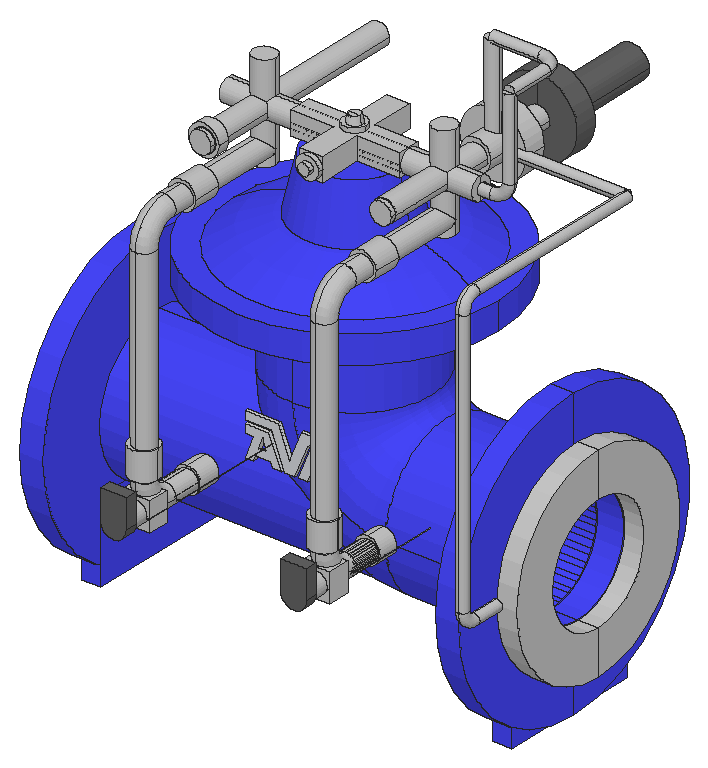
Revit family "859-002X-001 DN65-300", category Pipe Accessories, Revit 2022
Family settings
  Round Connector Dimension = Use Diameter
  Part Type = Valve - Breaks Into
  Work Plane-Based = No
  Always vertical = Yes
  Cut with Voids When Loaded = No
  Shared = No
Parameters (values of type "DN080_PN10/16 Flow range ( 14 - 36)")
  w2 = size_lookup(Search_table, "w2", 0 mm, DN)  # 100 mm
  w1 = size_lookup(Search_table, "w1", 0 mm, DN)  # 100 mm
  sweep_box2 = Bolt_Dia / 2  # 9.75 mm
  sweep_box1 = Centre_D * 0.4  # 10 mm
  sweep_H1 = Bonnet_dim1_H * 1.4  # 41.125 mm
  sweep_H = (H3 - D) * 0.65  # 178.75 mm
  sweep_D = size_lookup(Search_table, "sweep_D", 0 mm, DN)  # 15 mm
  sweep1 = sweep_D * 0.5  # 7.5 mm
  sweep/2 = sweep1 / 2  # 3.75 mm
  sweep = sweep_D * 1.2  # 18 mm
  nut_dim = Bonnet_D1 * 0.5  # 60 mm
  Total_L = size_lookup(Search_table, "Total_L", 0 mm, DN)  # 325 mm
  Sweep_R = sweep1 * 1.5  # 11.25 mm
  Orifice_FL_T = size_lookup(Search_table, "Orifice_FL_T", 0 mm, DN)  # 14 mm
  Orifice_FL = size_lookup(Search_table, "Orifice_FL", 0 mm, DN) / 2  # 70.5 mm
  L3 = Bonnet_R * 1.1  # 138.6 mm
  dim1 = W1 * 0.4  # 52.4 mm
  centre = Bore1 * 1.3  # 62.478 mm
  W22 = W2 * 0.8  # 128.8 mm
  W2 = size_lookup(Search_table, "W2", 0 mm, DN)  # 161 mm
  W11 = (W1 - sweep_D) * 0.9  # 104.4 mm
  W1 = size_lookup(Search_table, "W1", 0 mm, DN)  # 131 mm
  W = W1 - (sweep_D / 2)  # 123.5 mm
  URL_product_pages = "https://www.avkvalves.com/P.aspx?no=8590065001140020"
  Thickness1 = Thickness * 1.2  # 13.68 mm
  Thickness = FL_T * 0.6  # 11.4 mm
  Raised_dis = size_lookup(Search_table, "Raised_dis", 0 mm, DN)  # 3 mm
  Raised_R = (D - Bore) * 0.4  # 23.98 mm
  Nut_T = FL_T * 0.8  # 15.2 mm
  Nut_Dim2 = Control_dim1 * 0.4  # 3.15 mm
  Nut_Dim1 = Bolt_Dia * 1.3  # 25.35 mm
  L = size_lookup(Search_table, "L", 0 mm, DN)  # 310 mm
  H4 = H33 * 2  # 125.4 mm
  H33 = (H3 - (D + Bonnet_dim1_H1)) * 0.8  # 62.7 mm
  H3 = size_lookup(Search_table, "H3", 0 mm, DN)  # 375 mm
  FL_T = size_lookup(Search_table, "FL_T", 0 mm, DN)  # 19 mm
  DN300_PN16 Flow range ( 460 - 1017) = "859-0300-00-1140023"
  DN300_PN16 Flow range ( 340 - 825) = "859-0300-00-1140022"
  DN300_PN16 Flow range ( 175 - 430) = "859-0300-00-1140021"
  DN300_PN16 Flow range ( 120 - 300) = "859-0300-00-1140020"
  DN300_PN10 Flow range ( 460 - 762) = "859-0300-00-0140023"
  DN300_PN10 Flow range ( 340 - 762) = "859-0300-00-0140022"
  DN300_PN10 Flow range ( 175 - 430) = "859-0300-00-0140021"
  DN300_PN10 Flow range ( 120 - 300) = "859-0300-00-0140020"
  DN250_PN16 Flow range ( 280 - 690) = "859-0250-00-1140023"
  DN250_PN16 Flow range ( 230 - 570) = "859-0250-00-1140022"
  DN250_PN16 Flow range ( 140 - 350) = "859-0250-00-1140021"
  DN250_PN16 Flow range ( 85 - 200) = "859-0250-00-1140020"
  DN250_PN10 Flow range ( 280 - 530) = "859-0250-00-0140023"
  DN250_PN10 Flow range ( 230 - 530) = "859-0250-00-0140022"
  DN250_PN10 Flow range ( 140 - 350) = "859-0250-00-0140021"
  DN250_PN10 Flow range ( 85 - 200) = "859-0250-00-0140020"
  DN200_PN16 Flow range ( 190 - 452) = "859-0200-00-1140023"
  DN200_PN16 Flow range ( 150 - 365) = "859-0200-00-1140022"
  DN200_PN16 Flow range ( 115 - 290) = "859-0200-00-1140021"
  DN200_PN16 Flow range ( 50 - 130) = "859-0200-00-1140020"
  DN200_PN10 Flow range ( 190 - 339) = "859-0200-00-0140023"
  DN200_PN10 Flow range ( 150 - 339) = "859-0200-00-0140022"
  DN150_PN10/16 Flow range ( 80 - 200) = "859-0150-00-1140022"
  D = size_lookup(Search_table, "D", 0 mm, DN) / 2  # 100 mm
  Search_table = "859-002X-001 DN65-300"
  Description_ = "AVK CONTROL VALVE, CONSTANT FLOW, PN10/16"
  Default Elevation = 0 mm
  DN80_PN10/16 Flow range ( 27 - 65) = "859-0080-00-1140022"
  DN80_PN10/16 Flow range ( 14 - 36) = "859-0080-00-1140021"
  DN80_PN10/16 Flow range ( 7 - 18) = "859-0080-00-1140020"
  DN65_PN10/16 Flow range ( 8 - 20) = "859-0065-00-1140021"
  DN65_PN10/16 Flow range ( 5 - 15) = "859-0065-00-1140020"
  DN200_PN10 Flow range ( 115 - 290) = "859-0200-00-0140021"
  DN200_PN10 Flow range ( 50 - 130) = "859-0200-00-0140020"
  DN150_PN10/16 Flow range ( 115 - 254) = "859-0150-00-1140023"
  DN150_PN10/16 Flow range ( 50 - 150) = "859-0150-00-1140021"
  DN150_PN10/16 Flow range ( 30 - 75) = "859-0150-00-1140020"
  DN125_PN10/16 Flow range ( 48 - 118) = "859-0125-00-1140023"
  DN125_PN10/16 Flow range ( 32 - 80) = "859-0125-00-1140022"
  DN125_PN10/16 Flow range ( 21 - 52) = "859-0125-00-1140021"
  DN125_PN10/16 Flow range ( 13 - 32) = "859-0125-00-1140020"
  DN100_PN10/16 Flow range ( 47 - 113) = "859-0100-00-1140023"
  DN100_PN10/16 Flow range ( 23 - 57) = "859-0100-00-1140022"
  DN100_PN10/16 Flow range ( 14 - 34) = "859-0100-00-1140021"
  DN100_PN10/16 Flow range ( 7 - 18) = "859-0100-00-1140020"
  DN65_PN10/16 Flow range ( 17 - 42) = "859-0065-00-1140022"
  DN = 80.1 mm
  Control_dim7 = Control_dim6 * 1.8  # 22.964 mm
  Control_dim6 = Control_dim5 * 1.2  # 12.758 mm
  Control_dim5 = Control_dim1 * 1.35  # 10.631 mm
  Control_dim4 = Bonnet_D1 * 0.9  # 108 mm
  Control_dim3 = Control_dim1 * 0.5  # 3.938 mm
  Control_dim2 = Bonnet_dim3 * 1.2  # 37.8 mm
  Control_dim1 = Bonnet_dim3 * 0.25  # 7.875 mm
  Centre_nut = Centre_D * 0.75  # 18.75 mm
  Centre_D1 = Centre_D * 0.8  # 20 mm
  Centre_D = size_lookup(Search_table, "Centre_D", 0 mm, DN)  # 25 mm
  Bore2 = Bore * 1.6  # 64.08 mm
  Bore1 = Bore * 1.2  # 48.06 mm
  Bore = DN / 2  # 40.05 mm
  Bonnet_dim3 = Bonnet_dim2 * 0.75  # 31.5 mm
  Bonnet_dim2 = Bonnet_dim1 / 2  # 42 mm
  Bonnet_dim1_H1 = sweep_H * 1.1  # 196.625 mm
  Bonnet_dim1_H = (sweep_H - Body_H) / 2  # 29.375 mm
  Bonnet_dim1 = Bonnet_D1 * 0.7  # 84 mm
  Bonnet_R = Bonnet_dim1 * 1.5  # 126 mm
  Bonnet_D1 = D * 1.2  # 120 mm
  Bonnet_D = D * 0.6  # 60 mm
  Bolt_Dia = sweep_D * 1.3  # 19.5 mm
  Body_Rib_L = D * 0.5  # 50 mm
  Body_H = D * 1.2  # 120 mm
  Actuator_d = Control_dim7 * 1.2  # 27.556 mm
  Actuator_L1 = Actuator_L * 0.9  # 65.205 mm
  Actuator_L = W2 * 0.45  # 72.45 mm
  8 = 8 mm  # constant formula
  50 = 50 mm  # constant formula
  3 = 3 mm  # constant formula
  18 = 11 mm  # constant formula
  10 = 10 mm  # constant formula
  0 = 0 mm  # constant formula
Reference planes
  plane 1 "Center (Front/Back)": y = 0
  plane 2: z = 0
  plane 3 "Center (Left/Right)": x = 0
  plane 4: x = -155
  plane 5: x = 155
  plane 6: z = 40.05
  plane 7: z = -40.05
  plane 8: z = 120
  plane 9: z = 275
  plane 10: z = -100
  plane 11: y = -131
  plane 12: y = -67.06
  plane 13: y = -48.06
  plane 14: y = -77.06
  plane 15: z = 149.375
  plane 16: z = 196.625
  plane 17: z = -43.05
  plane 18: x = 152
  plane 19: x = -152
  plane 20: x = -87.478
  plane 21: x = -62.478
  plane 22: x = 62.478
  plane 23: y = -122.4
  plane 24: y = -104.4
  plane 25: y = -84
  plane 26: z = 10
  plane 27: z = 212.3
  plane 28: z = 204.5
  plane 29: y = -37.8
  plane 30: y = -34.713
  plane 31: y = -40.95
  plane 32: z = 212.375
  plane 33: x = -40.05
  plane 34: z = 178.75
  plane 35: z = 188.5
  plane 36: z = 220.25
  plane 37: z = 20
  plane 38: y = -52.4
  plane 39: y = 128.8
  plane 40: y = 161
  plane 41: y = -7.875
  plane 42: y = 26.875
  plane 43: y = 7.875
  plane 44: y = 42.075
  plane 45: y = 57.275
  plane 46: x = 138.6
  plane 47: x = 149.231
  plane 48: x = 87.478
  plane 49: z = 271.25
  plane 50: through (0, 0, 1200) normal (-0.766, -0.6428, 0)
  plane 51: y = 94.8
  plane 52: z = 149.6
  plane 53: x = 107.478
  plane 54: y = -70.5
  plane 55: x = 169
Forms (mm)
  Revolve 1, solid, material "Laminate, Blue, Matte"
    sketch origin (0, 0, 0) x (1, 0, 0) y (0, 0, 1)
      loop
        line (-155, 40.05) -> (155, 40.05) -> (155, 64.03) -> (152, 64.03) -> (152, 100) -> (136, 100) -> (136, 51.45) -> (-136, 51.45) -> (-136, 100) -> (-152, 100) -> (-152, 64.03) -> (-155, 64.03) -> (-155, 40.05)
      axis (-155, 0) -> (155, 0)
    angle from 0 to 360
  Extrusion 2, solid, material "Laminate, Blue, Matte"
    sketch origin (-387.236, -1524, 120) x (-1, 0, 0) y (0, -1, 0)
      loop
        circle (-387.236, -1524) r 100
    from 0 to 19
  Extrusion 3, solid, material "Laminate, Blue, Matte"
    sketch origin (0, 0, 0) x (0, 1, 0) y (0, 0, 1)
      loop
        circle (0, 0) r 40.05
    from -87.478 to 87.478
  Extrusion 4, solid, material "Default Wall"
    sketch origin (0, -67.06, 1382.259) x (0, 0, 1) y (-1, 0, 0)
      loop
        circle (-1382.259, 62.478) r 9
      loop
        circle (-1382.259, -62.478) r 9
    from 0 to -67.06
  Sweep 5, solid, material "Default Wall"
    path origin (0, 0, 0) x (0, 1, 0) y (0, 0, 1)
      loop
        line (0, 0) -> (-86.4, 0)
        arc (-86.4, 0) -> (-99.128, 5.272) -> (-104.4, 18) r 18
        line (-104.4, 18) -> (-104.4, 160.75)
        arc (-104.4, 160.75) -> (-99.128, 173.478) -> (-86.4, 178.75) r 18
        line (-86.4, 178.75) -> (0, 178.75)
    profile origin (0, 0, 0) x (0, 0, -1) y (1, 0, 0)
      loop
        circle (0, -62.478) r 7.5
      loop
        circle (0, 62.478) r 7.5
  Revolve 6, solid, material "Laminate, Blue, Matte"
    sketch origin (0, 0, 0) x (1, 0, 0) y (0, 0, 1)
      loop
        line (0, 139) -> (84, 139)
        arc (84, 139) -> (43.967, 157.53) -> (0, 161.125) r 126
        line (0, 161.125) -> (0, 139)
      axis (0, 161.125) -> (0, 139)
    angle from 0 to 360
  Revolve 7, solid, material "Laminate, Blue, Matte"
    sketch origin (0, 0, 0) x (1, 0, 0) y (0, 0, 1)
      loop
        line (0, 149.375) -> (42, 149.375) -> (31.5, 196.625) -> (0, 196.625) -> (0, 149.375)
      axis (0, 149.375) -> (0, 196.625)
    angle from 0 to 360
  Extrusion 8, solid, material "Laminate, Blue, Matte"
    sketch origin (0, 0, 0) x (0, 1, 0) y (0, 0, 1)
      loop
        line (50, -43.05) -> (-50, -43.05) -> (-50, -100) -> (50, -100) -> (50, -43.05)
    from 136 to 149
  Extrusion 9, solid, material "Laminate, Blue, Matte"
    sketch origin (0, 0, 0) x (0, 1, 0) y (0, 0, 1)
      loop
        line (50, -43.05) -> (-50, -43.05) -> (-50, -100) -> (50, -100) -> (50, -43.05)
    from -136 to -149
  Extrusion 10, solid, material "Default Wall"
    sketch origin (0, 0, 0) x (1, 0, 0) y (0, 0, 1)
      loop
        circle (-62.478, 0) r 7.5
      loop
        circle (62.478, 0) r 7.5
    from 0 to 123
  Extrusion 11, solid, material "Default Roof"
    sketch origin (0, 0, 0) x (1, 0, 0) y (0, 0, 1)
      loop
        arc (-71.478, 0) -> (-68.842, -6.364) -> (-62.478, -9) r 9
        arc (-62.478, -9) -> (-56.114, -6.364) -> (-53.478, 0) r 9
        line (-53.478, 0) -> (-53.478, 20) -> (-71.478, 20) -> (-71.478, 0)
      loop
        arc (53.478, 0) -> (56.114, -6.364) -> (62.478, -9) r 9
        arc (62.478, -9) -> (68.842, -6.364) -> (71.478, 0) r 9
        line (71.478, 0) -> (71.478, 20) -> (53.478, 20) -> (53.478, 0)
    from 131 to 123
  Extrusion 12, solid, material "Default Wall"
    sketch origin (-741.585, -1524, 196.625) x (-1, 0, 0) y (0, -1, 0)
      loop
        line (-749.46, -1531.875) -> (-749.46, -1561.8) -> (-733.71, -1561.8) -> (-733.71, -1531.875) -> (-703.785, -1531.875) -> (-703.785, -1516.125) -> (-733.71, -1516.125) -> (-733.71, -1486.2) -> (-749.46, -1486.2) -> (-749.46, -1516.125) -> (-779.385, -1516.125) -> (-779.385, -1531.875) -> (-749.46, -1531.875)
    from 0 to 15.75
  Revolve 13, solid, material "Default Wall"
    sketch origin (0, 0, 0) x (1, 0, 0) y (0, 0, 1)
      loop
        line (0, 204.5) -> (7.875, 204.5) -> (3.938, 220.25) -> (0, 220.25) -> (0, 204.5)
      axis (0, 220.25) -> (0, 204.5)
    angle from 0 to 360
  Extrusion 14, solid, material "Default Wall"
    sketch origin (0, 0, 0) x (1, 0, 0) y (0, 0, 1)
      loop
        circle (0, 204.5) r 7.875
    from 37.8 to 40.95
  Extrusion 15, solid, material "Default Wall"
    sketch origin (0, 0, 0) x (1, 0, 0) y (0, 0, 1)
      loop
        circle (0, 204.5) r 3.938
    from 40.95 to 44.1
  Extrusion 16, solid, material "Default Wall"
    sketch origin (-741.585, -1524, 196.625) x (-1, 0, 0) y (0, -1, 0)
      loop
        circle (-741.585, -1524) r 7.875
    from 15.75 to 18.75
  Sweep 17, solid, material "Laminate, Blue, Matte"
    path origin (0, 0, 0) x (1, 0, 0) y (0, 0, 1)
      loop
        line (0, 120) -> (0, 64.08)
        arc (0, 64.08) -> (18.769, 18.769) -> (64.08, 0) r 64.08
        line (64.08, 0) -> (136, 0)
    profile origin (0, 0, 120) x (0, -1, 0) y (1, 0, 0)
      loop
        circle (0, 0) r 40.05
      loop
        circle (0, 0) r 53.73
  Extrusion 18, solid, material "Default Wall"
    sketch origin (-741.585, -1524, 196.625) x (-1, 0, 0) y (0, -1, 0)
      loop
        circle (-679.107, -1524) r 7.875
      loop
        circle (-804.063, -1524) r 7.875
    from 1.875 to 38.825
  Extrusion 19, solid, material "Default Wall"
    sketch origin (-741.585, -1524, 196.625) x (-1, 0, 0) y (0, -1, 0)
      loop
        circle (-679.107, -1524) r 7.5
      loop
        circle (-804.063, -1524) r 7.5
    from 7.875 to -27.625
  Extrusion 20, solid, material "Default Wall"
    sketch origin (0, 0, 0) x (1, 0, 0) y (0, 0, 1)
      loop
        circle (-62.478, 178.75) r 9.75
      loop
        circle (62.478, 178.75) r 9.75
    from 52.4 to 71.4
  Extrusion 21, solid, material "Default Wall"
    sketch origin (-741.585, -1524, 196.625) x (-1, 0, 0) y (0, -1, 0)
      loop
        circle (-679.107, -1419.6) r 9.75
      loop
        circle (-804.063, -1419.6) r 9.75
    from -176.625 to -157.625
  Extrusion 22, solid, material "Default Wall"
    sketch origin (0, 0, 0) x (1, 0, 0) y (0, 0, 1)
      loop
        circle (-62.478, 204.5) r 10.631
    from 44.713 to 52.4
  Extrusion 23, solid, material "Default Wall"
    sketch origin (0, 0, 0) x (1, 0, 0) y (0, 0, 1)
      loop
        circle (-62.478, 204.5) r 7.5
      loop
        circle (62.478, 204.5) r 7.5
    from 52.4 to 55.55
  Extrusion 24, solid, material "Default Wall"
    sketch origin (0, 0, 13.394) x (1, 0, 0) y (0, 0, 1)
      loop
        circle (62.478, 191.106) r 10.631
    from -42.075 to -26.875
  Extrusion 25, solid, material "Default Wall"
    sketch origin (0, 0, 0) x (1, 0, 0) y (0, 0, 1)
      loop
        circle (62.478, 204.5) r 22.964
    from -57.275 to -42.075
  Revolve 26, solid, material "Default"
    sketch origin (62.478, -1524, 720.321) x (0, 0, 1) y (0, -1, 0)
      loop
        line (-515.821, -1604.595) -> (-515.821, -1619.795) -> (-488.264, -1619.795) -> (-488.264, -1604.595) -> (-515.821, -1604.595)
      axis (-515.821, -1604.595) -> (-515.821, -1619.795)
    angle from 0 to 360
  Extrusion 27, solid, material "Default"
    sketch origin (0, 0, 0) x (1, 0, 0) y (0, 0, 1)
      loop
        circle (63.395, 203.583) r 11.84
    from -161 to -95.795
  Revolve 28, solid, material "Default Wall"
    sketch origin (0, 0, 0) x (1, 0, 0) y (0, 0, 1)
      loop
        line (-87.478, 212.375) -> (-87.478, 204.5) -> (87.478, 204.5) -> (87.478, 212.375) -> (-87.478, 212.375)
      axis (-87.478, 204.5) -> (87.478, 204.5)
    angle from 0 to 360
  Extrusion 29, solid, material "Default Wall"
    sketch origin (0, 0, 0) x (1, 0, 0) y (0, 0, 1)
      loop
        circle (-62.478, 204.5) r 7.875
      loop
        circle (62.478, 204.5) r 7.875
    from -98.3 to 52.4
  Extrusion 30, solid, material "Default Wall"
    sketch origin (-336.516, -1510.142, 271.25) x (-1, 0, 0) y (0, -1, 0)
      loop
        circle (-398.994, -1552.217) r 4.875
    from -66.75 to 0
  Sweep 31, solid, material "Default Wall"
    path origin (-470.377, -1524, 271.25) x (-1, 0, 0) y (0, -1, 0)
      loop
        line (-532.855, -1566.075) -> (-566.605, -1566.075)
        arc (-566.605, -1566.075) -> (-574.56, -1562.78) -> (-577.855, -1554.825) r 11.25
        line (-577.855, -1554.825) -> (-577.855, -1524)
    profile origin (79.353, 42.075, 271.25) x (0, 1, 0) y (0, 0, 1)
      loop
        circle (0, 0) r 3.75
  Revolve 32, solid, material "Default Wall"
    sketch origin (0, 0, 0) x (1, 0, 0) y (0, 0, 1)
      loop
        line (155, 70.5) -> (155, 40.05) -> (169, 40.05) -> (169, 70.5) -> (155, 70.5)
      axis (169, 0) -> (155, 0)
    angle from 0 to 360
  Sweep 33, solid, material "Default Wall"
    path origin (0, 0, 0) x (1, 0, 0) y (0, 0, 1)
      loop
        line (87.478, 204.5) -> (96.478, 204.5)
        arc (96.478, 204.5) -> (104.256, 207.722) -> (107.478, 215.5) r 11
        line (107.478, 215.5) -> (107.478, 271.25)
    profile origin (91.978, 0, 204.5) x (0, 0, 1) y (0, -1, 0)
      loop
        circle (0, 0) r 3.75
  Extrusion 34, solid, material "Default Wall"
    sketch origin (0, 0, 0) x (1, 0, 0) y (0, 0, 1)
      loop
        line (-52.478, 10) -> (-72.478, 10) -> (-72.478, -10) -> (-52.478, -10) -> (-52.478, 10)
      loop
        line (52.478, 10) -> (52.478, -10) -> (72.478, -10) -> (72.478, 10) -> (52.478, 10)
    from 96.9 to 111.9
  Sweep 35, solid, material "Default Wall"
    path origin (155, -1524, 2175.121) x (0, 0, 1) y (0, -1, 0)
      loop
        line (-2175.121, -1453.5) -> (-2175.121, -1433.75)
        arc (-2175.121, -1433.75) -> (-2172.266, -1426.856) -> (-2165.371, -1424) r 9.75
        line (-2165.371, -1424) -> (-1980.371, -1424)
        arc (-1980.371, -1424) -> (-1973.477, -1426.856) -> (-1970.621, -1433.75) r 9.75
        line (-1970.621, -1433.75) -> (-1970.621, -1566.075)
    profile origin (155, -80.375, 0) x (0, 0, -1) y (1, 0, 0)
      loop
        circle (0, 0) r 3.75
  Sweep 36, solid, material "Default Wall"
    path origin (-694.894, -1524, 204.5) x (-1, 0, 0) y (0, -1, 0)
      loop
        line (-757.372, -1566.075) -> (-849.894, -1566.075)
    profile origin (108.739, 42.075, 204.5) x (0, 1, 0) y (0, 0, 1)
      loop
        circle (0, 0) r 3.75
Dimensions and locks
  equal spacing: plane 5, plane 3 "Center (Left/Right)", plane 4
  "L": plane 5 to plane 4
  equal spacing: plane 6, level, plane 7
  "Bore": plane 6 to level
  equal spacing: Revolve 1 sketch curve, plane 3 "Center (Left/Right)", Revolve 1 sketch curve  (x2)
  "FL_T": Revolve 1 sketch curve to plane 4
  "Raised_dis": Revolve 1 sketch curve to plane 4
  "Thickness": Revolve 1 sketch curve to plane 6
  "D": Revolve 1 sketch curve to level
  "Body_H": plane 8 to level
  equal spacing: Extrusion 2 sketch curve, plane 3 "Center (Left/Right)", Extrusion 2 sketch curve
  equal spacing: Extrusion 2 sketch curve, plane 1 "Center (Front/Back)", Extrusion 2 sketch curve
  "FL_T": Extrusion 2 to plane 8
  "D": level to plane 10
  "H3": plane 9 to plane 10
  equal spacing: Extrusion 3 sketch curve, plane 1 "Center (Front/Back)", Extrusion 3 sketch curve
  equal spacing: Extrusion 3 sketch curve, level, Extrusion 3 sketch curve
  equal spacing: Extrusion 3, plane 3 "Center (Left/Right)", Extrusion 3
  equal spacing: Extrusion 4 sketch curve, plane 3 "Center (Left/Right)", Extrusion 4 sketch curve
  "centre": plane 3 "Center (Left/Right)" to Extrusion 4 sketch curve
  "W1": plane 1 "Center (Front/Back)" to plane 11
  "FL_T": plane 13 to plane 12
  "Bore1": plane 1 "Center (Front/Back)" to plane 13
  plane 14 to plane 1 "Center (Front/Back)" = 77.06 mm
  "10": plane 14 to plane 12
  "sweep_H": Sweep 5 sketch curve to level
  "W11": Sweep 5 sketch curve to plane 1 "Center (Front/Back)"
  equal spacing: Sweep 5 sketch curve, level, Sweep 5 sketch curve  (x2)
  "centre": plane 3 "Center (Left/Right)" to Sweep 5 sketch curve
  equal spacing: Sweep 5 sketch curve, plane 3 "Center (Left/Right)", Sweep 5 sketch curve
  "FL_T": Revolve 6 sketch curve to plane 8
  "Bonnet_dim1": Revolve 6 sketch curve to plane 3 "Center (Left/Right)"
  "Bonnet_dim1_H1": plane 16 to level
  "Bonnet_dim3": Revolve 7 sketch curve to plane 3 "Center (Left/Right)"
  "Bonnet_dim2": Revolve 7 sketch curve to plane 3 "Center (Left/Right)"
  "Bonnet_dim1_H": plane 15 to plane 8
  "sweep_H1": Revolve 6 sketch curve to plane 8
  equal spacing: Extrusion 8 sketch curve, plane 1 "Center (Front/Back)", Extrusion 8 sketch curve
  "Body_Rib_L": Extrusion 8 sketch curve to plane 1 "Center (Front/Back)"
  "3": plane 7 to plane 17
  "FL_T": plane 5 to Extrusion 8
  "Raised_dis": plane 18 to plane 5
  equal spacing: Extrusion 9 sketch curve, plane 1 "Center (Front/Back)", Extrusion 9 sketch curve
  "Body_Rib_L": Extrusion 9 sketch curve to plane 1 "Center (Front/Back)"
  "3": plane 7 to Extrusion 9 sketch curve
  "FL_T": Extrusion 9 to plane 4
  "Raised_dis": plane 19 to plane 4
  "3": plane 19 to Extrusion 9
  equal spacing: Extrusion 8, plane 3 "Center (Left/Right)", Extrusion 9
  equal spacing: plane 22, plane 3 "Center (Left/Right)", plane 21
  "centre": plane 3 "Center (Left/Right)" to plane 21
  "Centre_D": plane 21 to plane 20
  plane 23 to plane 24 = 18 mm
  "sweep": plane 23 to plane 24
  "W11": plane 24 to plane 1 "Center (Front/Back)"
  "Bonnet_dim1": plane 25 to plane 1 "Center (Front/Back)"
  "sweep_box1": plane 26 to level
  "sweep_box1": Extrusion 11 to plane 26
  "8": plane 11 to Extrusion 11
  "H33": plane 9 to plane 27
  equal spacing: Extrusion 12 sketch curve, plane 3 "Center (Left/Right)", Extrusion 12 sketch curve  (x2)
  equal spacing: Extrusion 12 sketch curve, plane 1 "Center (Front/Back)", Extrusion 12 sketch curve  (x2)
  "Control_dim2": Extrusion 12 sketch curve to plane 3 "Center (Left/Right)"
  "Control_dim2": plane 1 "Center (Front/Back)" to Extrusion 12 sketch curve
  "Control_dim1": plane 3 "Center (Left/Right)" to Extrusion 12 sketch curve
  "Control_dim1": plane 1 "Center (Front/Back)" to Extrusion 12 sketch curve
  "Control_dim3": Revolve 13 sketch curve to plane 3 "Center (Left/Right)"
  "Control_dim1": Revolve 13 sketch curve to Extrusion 12
  "Raised_R": Revolve 1 sketch curve to plane 6
  "Control_dim1": plane 28 to plane 16
  "Control_dim1": Extrusion 12 to plane 28
  "Control_dim1": Revolve 13 sketch curve to plane 3 "Center (Left/Right)"
  equal spacing: Extrusion 14 sketch curve, plane 3 "Center (Left/Right)", Extrusion 14 sketch curve
  equal spacing: Extrusion 14 sketch curve, plane 28, Extrusion 14 sketch curve
  "Control_dim2": plane 29 to plane 1 "Center (Front/Back)"
  "Nut_Dim2": Extrusion 14 to plane 29
  equal spacing: Extrusion 15 sketch curve, plane 3 "Center (Left/Right)", Extrusion 15 sketch curve
  equal spacing: Extrusion 15 sketch curve, plane 28, Extrusion 15 sketch curve
  "Nut_Dim2": plane 31 to plane 29
  "Nut_Dim2": Extrusion 15 to plane 31
  equal spacing: Extrusion 16 sketch curve, plane 3 "Center (Left/Right)", Extrusion 16 sketch curve
  equal spacing: Extrusion 16 sketch curve, Extrusion 4, Extrusion 16 sketch curve
  "Control_dim1": plane 32 to plane 28
  "Raised_dis": Extrusion 16 to plane 32
  "FL_T": plane 5 to Sweep 17 sketch curve
  equal spacing: Sweep 17 sketch curve, plane 3 "Center (Left/Right)", Sweep 17 sketch curve  (x2)
  equal spacing: Sweep 17 sketch curve, plane 1 "Center (Front/Back)", Sweep 17 sketch curve  (x2)
  "Bore": plane 33 to plane 3 "Center (Left/Right)"
  "Thickness1": Sweep 17 sketch curve to plane 33
  equal spacing: Extrusion 18 sketch curve, plane 1 "Center (Front/Back)", Extrusion 18 sketch curve  (x2)
  equal spacing: Extrusion 18 sketch curve, plane 3 "Center (Left/Right)", Extrusion 18 sketch curve
  equal spacing: Extrusion 18 sketch curve, plane 21, Extrusion 18 sketch curve
  "sweep_H": plane 34 to level
  "sweep_box2": plane 35 to plane 34
  "10": Extrusion 18 to plane 35
  "Control_dim1": plane 36 to plane 32
  equal spacing: Extrusion 19 sketch curve, plane 1 "Center (Front/Back)", Extrusion 19 sketch curve  (x2)
  equal spacing: Extrusion 19 sketch curve, plane 3 "Center (Left/Right)", Extrusion 19 sketch curve
  "centre": Extrusion 19 sketch curve to plane 3 "Center (Left/Right)"
  "sweep_box2": plane 34 to Extrusion 19
  equal spacing: Extrusion 20 sketch curve, plane 3 "Center (Left/Right)", Extrusion 20 sketch curve
  equal spacing: Extrusion 20 sketch curve, plane 21, Extrusion 20 sketch curve
  "sweep_H": Extrusion 20 sketch curve to level  (x2)
  equal spacing: Extrusion 21 sketch curve, plane 3 "Center (Left/Right)", Extrusion 21 sketch curve
  "W11": Extrusion 21 sketch curve to plane 1 "Center (Front/Back)"  (x2)
  equal spacing: Extrusion 21 sketch curve, plane 21, Extrusion 21 sketch curve
  "sweep_box1": plane 37 to plane 26
  "FL_T": Extrusion 21 to plane 37
  "dim1": plane 38 to plane 1 "Center (Front/Back)"
  "FL_T": Extrusion 20 to plane 38
  "W22": plane 1 "Center (Front/Back)" to plane 39
  "W2": plane 1 "Center (Front/Back)" to plane 40
  equal spacing: Extrusion 22 sketch curve, plane 21, Extrusion 22 sketch curve
  equal spacing: Extrusion 22 sketch curve, plane 28, Extrusion 22 sketch curve
  "Control_dim1": plane 41 to plane 1 "Center (Front/Back)"
  "10": Extrusion 22 to plane 30
  equal spacing: Extrusion 23 sketch curve, plane 21, Extrusion 23 sketch curve
  equal spacing: Extrusion 23 sketch curve, plane 28, Extrusion 23 sketch curve  (x2)
  equal spacing: Extrusion 23 sketch curve, plane 3 "Center (Left/Right)", Extrusion 23 sketch curve
  "Nut_Dim2": Extrusion 23 to plane 38
  equal spacing: Extrusion 24 sketch curve, plane 22, Extrusion 24 sketch curve
  equal spacing: Extrusion 24 sketch curve, plane 28, Extrusion 24 sketch curve
  "Control_dim1": plane 1 "Center (Front/Back)" to plane 43
  "Nut_T": plane 42 to plane 44
  "FL_T": plane 43 to plane 42
  "Nut_T": plane 44 to plane 45
  equal spacing: Extrusion 25 sketch curve, plane 22, Extrusion 25 sketch curve
  equal spacing: Extrusion 25 sketch curve, plane 28, Extrusion 25 sketch curve
  "Nut_T": Extrusion 18 to plane 36
  "Nut_T": plane 44 to Extrusion 25
  "Nut_T": Revolve 26 sketch curve to Revolve 26 sketch curve
  "Actuator_L1": Revolve 26 to plane 40
  "Control_dim6": plane 22 to Extrusion 27 sketch curve
  "Control_dim6": plane 28 to Extrusion 27 sketch curve
  "Actuator_L1": Extrusion 27 to plane 40
  "Control_dim1": Revolve 28 sketch curve to plane 28
  "L3": plane 3 "Center (Left/Right)" to plane 46
  "Control_dim5": plane 46 to plane 47
  equal spacing: Revolve 28 sketch curve, plane 3 "Center (Left/Right)", Revolve 28 sketch curve
  "Centre_D": plane 22 to plane 48
  "sweep/2": plane 9 to plane 49
  equal spacing: Extrusion 29 sketch curve, plane 21, Extrusion 29 sketch curve
  equal spacing: Extrusion 29 sketch curve, plane 28, Extrusion 29 sketch curve  (x2)
  equal spacing: Extrusion 29 sketch curve, plane 22, Extrusion 29 sketch curve
  "H4": plane 9 to plane 52
  "H33": Extrusion 29 to plane 40
  "Actuator_d": Revolve 26 sketch curve to plane 28
  "Centre_D1": plane 48 to Sweep 31 sketch curve
  equal spacing: Sweep 31 sketch curve, profile plane, Sweep 31 sketch curve  (x2)
  "Centre_D1": plane 48 to plane 53
  plane 5 to plane 4 = 310 mm
  plane 11 to plane 1 "Center (Front/Back)" = 131 mm
  plane 1 "Center (Front/Back)" to plane 40 = 161 mm
  plane 9 to plane 10 = 375 mm
  "Bore": Revolve 32 sketch curve to level
  "Orifice_FL_T": Revolve 32 sketch curve to plane 5
  "Orifice_FL": Revolve 32 sketch curve to level
  equal spacing: Sweep 33 sketch curve, plane 1 "Center (Front/Back)", Sweep 33 sketch curve
  equal spacing: Sweep 33 sketch curve, plane 28, Sweep 33 sketch curve
  equal spacing: Extrusion 34 sketch curve, plane 3 "Center (Left/Right)", Extrusion 34 sketch curve  (x2)
  equal spacing: Extrusion 34 sketch curve, plane 21, Extrusion 34 sketch curve
  equal spacing: Extrusion 34 sketch curve, level, Extrusion 34 sketch curve
  "sweep_box1": Extrusion 34 sketch curve to plane 21
  "sweep_box1": level to Extrusion 34 sketch curve
  "sweep1": Extrusion 34 to plane 24
  "sweep1": plane 24 to Extrusion 34
  equal spacing: Extrusion 30 sketch curve, plane 44, Extrusion 30 sketch curve
  equal spacing: Extrusion 30 sketch curve, plane 22, Extrusion 30 sketch curve
  "Orifice_FL": Sweep 35 sketch curve to plane 1 "Center (Front/Back)"
  "Orifice_FL": plane 54 to plane 1 "Center (Front/Back)"
  "D": Sweep 35 sketch curve to plane 1 "Center (Front/Back)"
  equal spacing: Sweep 35 sketch curve, profile plane, Sweep 35 sketch curve
  equal spacing: Sweep 35 sketch curve, Revolve 32, Sweep 35 sketch curve
  equal spacing: Sweep 36 sketch curve, plane 44, Sweep 36 sketch curve
  equal spacing: Sweep 36 sketch curve, plane 28, Sweep 36 sketch curve
  "Orifice_FL_T": plane 55 to plane 5
  plane 55 to plane 4 = 324 mm
  "w1": radius of Extrusion 2 sketch curve
  "Bore": radius of Extrusion 3 sketch curve
  "sweep": diameter of Extrusion 4 sketch curve  (x2)
  "sweep": radius of Sweep 5 sketch curve  (x2)
  "sweep_D": diameter of Sweep 5 sketch curve  (x2)
  "Bonnet_R": radius of Revolve 6 sketch curve
  "Control_dim1": radius of Extrusion 14 sketch curve
  "Control_dim3": radius of Extrusion 15 sketch curve
  "Control_dim1": radius of Extrusion 16 sketch curve
  "Bore2": radius of Sweep 17 sketch curve
  "Bore": radius of Sweep 17 sketch curve
  "Control_dim1": radius of Extrusion 18 sketch curve  (x2)
  "sweep_D": diameter of Extrusion 19 sketch curve  (x2)
  "Bolt_Dia": diameter of Extrusion 20 sketch curve  (x2)
  "Bolt_Dia": diameter of Extrusion 21 sketch curve  (x2)
  "Control_dim5": radius of Extrusion 22 sketch curve
  "sweep_D": diameter of Extrusion 23 sketch curve  (x2)
  "Control_dim5": radius of Extrusion 24 sketch curve
  "Control_dim7": radius of Extrusion 25 sketch curve
  "Control_dim1": radius of Extrusion 29 sketch curve  (x2)
  "Sweep_R": radius of Sweep 31 sketch curve
  "sweep1": diameter of Sweep 31 sketch curve
  "sweep1": diameter of Sweep 33 sketch curve
  "18": radius of Sweep 33 sketch curve
  "sweep_box2": diameter of Extrusion 30 sketch curve
  "sweep_box2": radius of Sweep 35 sketch curve  (x2)
  "sweep1": diameter of Sweep 35 sketch curve
  "sweep1": diameter of Sweep 36 sketch curve
  aligned and locked: level to plane 2
  aligned and locked: Revolve 1 sketch curve to Revolve 1 sketch curve  (x2)
  aligned and locked: Revolve 1 sketch curve to plane 6
  aligned and locked: plane 5 to Revolve 1 sketch curve
  aligned and locked: Revolve 1 sketch curve to level
  aligned and locked: Extrusion 2 to plane 8
  aligned and locked: plane 1 "Center (Front/Back)" to Extrusion 4
  aligned and locked: plane 12 to Extrusion 4
  aligned and locked: level to Sweep 5 sketch curve
  aligned and locked: plane 1 "Center (Front/Back)" to Sweep 5 sketch curve  (x2)
  aligned and locked: Revolve 6 sketch curve to plane 3 "Center (Left/Right)"
  aligned and locked: Revolve 7 sketch curve to plane 3 "Center (Left/Right)"  (x2)
  aligned and locked: Revolve 7 sketch curve to plane 15
  aligned and locked: plane 16 to Revolve 7 sketch curve
  aligned and locked: Extrusion 8 sketch curve to plane 10
  aligned and locked: plane 17 to Extrusion 8
  aligned and locked: plane 10 to Extrusion 9 sketch curve
  aligned and locked: plane 20 to Extrusion 3
  aligned and locked: Extrusion 10 sketch curve to Sweep 5  (x3)
  aligned and locked: Extrusion 11 sketch curve to Extrusion 4  (x4)
  aligned and locked: Extrusion 11 to plane 11
  aligned and locked: Extrusion 11 to Extrusion 10
  aligned and locked: Extrusion 11 to Extrusion 11
  aligned and locked: Extrusion 12 sketch curve to Extrusion 12 sketch curve  (x4)
  aligned and locked: plane 3 "Center (Left/Right)" to Revolve 13 sketch curve
  aligned and locked: Revolve 13 sketch curve to plane 3 "Center (Left/Right)"
  aligned and locked: plane 28 to Revolve 13 sketch curve
  aligned and locked: Extrusion 14 to Extrusion 12
  aligned and locked: Extrusion 15 to Extrusion 14
  aligned and locked: Extrusion 16 to Extrusion 12
  aligned and locked: Sweep 17 sketch curve to plane 3 "Center (Left/Right)"
  aligned and locked: Sweep 17 sketch curve to level
  aligned and locked: plane 8 to Sweep 17 sketch curve
  aligned and locked: plane 28 to Extrusion 19
  aligned and locked: Extrusion 21 to plane 37
  aligned and locked: Extrusion 20 to plane 38
  aligned and locked: Extrusion 23 to plane 38
  aligned and locked: plane 42 to Extrusion 24
  aligned and locked: plane 44 to Extrusion 24
  aligned and locked: Extrusion 25 to plane 44
  aligned and locked: plane 28 to Revolve 26 sketch curve
  aligned and locked: Revolve 26 sketch curve to plane 28
  aligned and locked: Extrusion 27 to plane 40
  aligned and locked: plane 28 to Revolve 28 sketch curve
  aligned and locked: Revolve 28 sketch curve to plane 28
  aligned and locked: plane 38 to Extrusion 22
  aligned and locked: Revolve 28 sketch curve to plane 20
  aligned and locked: plane 38 to Extrusion 29
  aligned and locked: Extrusion 30 to plane 28
  aligned and locked: plane 49 to Extrusion 30
  aligned and locked: plane 44 to Sweep 31 sketch curve
  aligned and locked: nested 1 to plane 37
  aligned and locked: plane 5 to Revolve 32 sketch curve
  aligned and locked: level to Revolve 32 sketch curve
  aligned and locked: Sweep 33 sketch curve to plane 28
  aligned and locked: Sweep 33 sketch curve to plane 53
  aligned and locked: plane 49 to Sweep 33 sketch curve
  aligned and locked: plane 48 to Sweep 33 sketch curve
  aligned and locked: Extrusion 34 sketch curve to Extrusion 34 sketch curve  (x2)
  aligned and locked: plane 44 to Sweep 35 sketch curve
  aligned and locked: Sweep 35 sketch curve to plane 28
  aligned and locked: level to Sweep 35 sketch curve
  aligned and locked: Sweep 36 sketch curve to plane 44
  aligned and locked: plane 22 to Sweep 36 sketch curve
  aligned and locked: plane 5 to Sweep 36 sketch curve
Automatic sketch dimensions
  Extrusion 11 sketch curve to plane 6 = 20.05 mm  (x2)
  plane 22 to Extrusion 11 sketch curve = 0 mm
  Extrusion 11 sketch curve to plane 21 = 0 mm
  plane 18 to Revolve 1 sketch curve = 0 mm
  Revolve 1 sketch curve to plane 19 = 29.326 mm
  plane 53 to Revolve 1 sketch curve = 4.778 mm
  Extrusion 4 sketch curve to level = 0 mm  (x2)
  Revolve 6 sketch curve to plane 3 "Center (Left/Right)" = 0 mm
  Revolve 6 sketch curve to plane 9 = 0 mm
  plane 52 to Revolve 6 sketch curve = 0.271 mm
  Revolve 7 sketch curve to plane 15 = 0.1 mm
  Revolve 7 sketch curve to plane 9 = 0.672 mm
  Extrusion 8 sketch curve to plane 17 = 0 mm
  Revolve 13 sketch curve to plane 36 = 0.075 mm
  plane 9 to Revolve 13 sketch curve = 77.17 mm
  Revolve 26 sketch curve to plane 39 = 33.005 mm
  plane 40 to Revolve 26 sketch curve = 26.605 mm
  Revolve 26 sketch curve to Revolve 26 sketch curve = 0.325 mm
  Extrusion 27 sketch curve to plane 22 = 0.917 mm
  Revolve 28 sketch curve to plane 19 = 27.89 mm
  Revolve 28 sketch curve to plane 4 = 30.436 mm
  Sweep 31 sketch curve to plane 22 = 0 mm
  plane 1 "Center (Front/Back)" to Sweep 31 sketch curve = 0 mm
  Revolve 32 sketch curve to plane 21 = 7.139 mm
  plane 55 to Revolve 32 sketch curve = 182.083 mm
Nested families
  nested 1: "logo medium-11" at (-0.062, -53.73, 28.594) x (1, -0.0012, 0) z (-0.0012, -1, 0), type "logo medium-11"
Connectors
  piping at (-155, 0, 0), diameter 80.1, driven by "DN"
    settings: on Revolve 1, index 1, connector inside diameter 609.6 mm, connector length 0 mm, flow factor 0, pipe flow 0.0 L/s, pressure drop 0.0 Pa, fitting loss kfactor 0, connector angle 0.00°, fixture units 0, engagement length 0 mm, angle of deflection 0.00°, flow configuration 0, flow direction 0, fitting loss method 0, system type 7, joint type 0, gender type 0, connector reference index -1, connector utility 0, adjustable connector no, is connector primary yes, connector description ""
  piping at (155, 0, 0), diameter 80.1, driven by "DN"
    settings: on Revolve 1, index 2, connector inside diameter 609.6 mm, connector length 0 mm, flow factor 0, pipe flow 0.0 L/s, pressure drop 0.0 Pa, fitting loss kfactor 0, connector angle 0.00°, fixture units 0, engagement length 0 mm, angle of deflection 0.00°, flow configuration 0, flow direction 0, fitting loss method 0, system type 7, joint type 0, gender type 0, connector reference index -1, connector utility 0, adjustable connector no, is connector primary no, connector description ""
Definition of nested family "logo medium-11"
  Parameters
    Default Elevation = 1219.2 mm
  Reference planes
    plane 1 "Center (Front/Back)": y = 0
    plane 2: z = 0
    plane 3 "Center (Left/Right)": x = 0
  Forms (mm)
    Extrusion 1, solid
      sketch origin (0, 0, 0) x (1, 0, 0) y (0, 1, 0)
        loop
          line (-1219.2, 1219.2) -> (-1219.2, -1219.2) -> (1219.2, -1219.2) -> (1219.2, 1219.2) -> (-1219.2, 1219.2)
      from 0 to -188.781
    Extrusion 2, solid
      sketch origin (0, 0, 0) x (1, 0, 0) y (0, 1, 0)
        loop
          line (-30.911, 14.607) -> (-12.952, 14.607) -> (-3.438, -8.594) -> (3.26, -8.594) -> (12.676, 14.607) -> (30.732, 14.607) -> (30.732, 20.529) -> (7.968, 20.529) -> (0, 0) -> (-8.195, 20.529) -> (-30.911, 20.529) -> (-30.911, 14.607)
        loop
          line (30.732, 6.453) -> (30.732, 12.569) -> (24.908, 12.569)
          arc (24.908, 12.569) -> (22.993, 7.075) -> (17.724, 4.608) r 7.492
          line (17.724, 4.608) -> (20.928, 12.569) -> (14.521, 12.569) -> (5.881, -8.594) -> (12.434, -8.594) -> (15.777, -0.405) -> (21.354, -8.594) -> (29.424, -8.594) -> (22.319, 0.649)
          arc (22.319, 0.649) -> (26.344, 2.972) -> (29.424, 6.453) r 14.456
          line (29.424, 6.453) -> (30.732, 6.453)
        loop
          line (-5.865, -8.594) -> (-14.796, 12.569) -> (-30.911, 12.569) -> (-30.911, 6.453) -> (-25.086, 6.453) -> (-30.911, -8.594) -> (-25.086, -8.594) -> (-23.728, -5.084) -> (-13.656, -5.084) -> (-12.175, -8.594) -> (-5.865, -8.594)
        loop
          line (-18.776, 7.618) -> (-21.494, 0) -> (-15.961, 0) -> (-18.776, 7.618)
      from 0 to 2
  Dimensions and locks
    aligned and locked: plane 2 to Extrusion 1
    aligned and locked: level to Extrusion 1
    aligned and locked: Extrusion 2 sketch curve to import instance  (x36)
Types (43, lengths in mm): name | w2 | w1 | sweep_box2 | sweep_box1 | sweep_H1 | sweep_H | sweep_D | sweep1 | sweep/2 | sweep | nut_dim | Total_L | Sweep_R | Orifice_FL | L3 | dim1 | centre | W22 | W2 | W11 | W1 | W | Thickness1 | Thickness | Raised_dis | Raised_R | Nut_T | Nut_Dim2 | Nut_Dim1 | L | H4 | H33 | H3 | FL_T | D | DN | Control_dim7 | Control_dim6 | Control_dim5 | Control_dim4 | Control_dim3 | Control_dim2 | Control_dim1 | Centre_nut | Centre_D1 | Centre_D | Bore2 | Bore1 | Bore | Bonnet_dim3 | Bonnet_dim2 | Bonnet_dim1_H1 | Bonnet_dim1_H | Bonnet_dim1 | Bonnet_R | Bonnet_D1 | Bonnet_D | Bolt_Dia | Body_Rib_L | Body_H | Actuator_d | Actuator_L1 | Actuator_L
  (no name) | 100 | 100 | 9.75 | 10 | 41.125 | 178.75 | 15 | 7.5 | 3.75 | 18 | 60 | 325 | 11.25 | 70.5 | 138.6 | 52.4 | 62.478 | 128.8 | 161 | 104.4 | 131 | 123.5 | 13.68 | 11.4 | 3 | 23.98 | 15.2 | 3.15 | 25.35 | 310 | 125.4 | 62.7 | 375 | 19 | 100 | 80.1 | 22.964 | 12.758 | 10.631 | 108 | 3.938 | 37.8 | 7.875 | 18.75 | 20 | 25 | 64.08 | 48.06 | 40.05 | 31.5 | 42 | 196.625 | 29.375 | 84 | 126 | 120 | 60 | 19.5 | 50 | 120 | 27.556 | 65.205 | 72.45
  DN065_PN10/16 Flow range ( 5 - 15) | 92.5 | 92.5 | 9.75 | 10 | 42.192 | 171.275 | 15 | 7.5 | 3.75 | 18 | 55.5 | 305 | 11.25 | 63 | 128.205 | 52.4 | 50.856 | 128.8 | 161 | 104.4 | 131 | 123.5 | 13.68 | 11.4 | 3 | 23.96 | 15.2 | 2.914 | 25.35 | 290 | 120.156 | 60.078 | 356 | 19 | 92.5 | 65.2 | 21.241 | 11.801 | 9.834 | 99.9 | 3.642 | 34.965 | 7.284 | 18.75 | 20 | 25 | 52.16 | 39.12 | 32.6 | 29.137 | 38.85 | 188.403 | 30.138 | 77.7 | 116.55 | 111 | 55.5 | 19.5 | 46.25 | 111 | 25.489 | 65.205 | 72.45
  DN065_PN10/16 Flow range ( 8 - 20) | 92.5 | 92.5 | 9.75 | 10 | 42.192 | 171.275 | 15 | 7.5 | 3.75 | 18 | 55.5 | 305 | 11.25 | 63 | 128.205 | 52.4 | 50.934 | 128.8 | 161 | 104.4 | 131 | 123.5 | 13.68 | 11.4 | 3 | 23.94 | 15.2 | 2.914 | 25.35 | 290 | 120.156 | 60.078 | 356 | 19 | 92.5 | 65.3 | 21.241 | 11.801 | 9.834 | 99.9 | 3.642 | 34.965 | 7.284 | 18.75 | 20 | 25 | 52.24 | 39.18 | 32.65 | 29.137 | 38.85 | 188.403 | 30.138 | 77.7 | 116.55 | 111 | 55.5 | 19.5 | 46.25 | 111 | 25.489 | 65.205 | 72.45
  DN065_PN10/16 Flow range ( 17 - 42) | 92.5 | 92.5 | 9.75 | 10 | 42.192 | 171.275 | 15 | 7.5 | 3.75 | 18 | 55.5 | 305 | 11.25 | 63 | 128.205 | 52.4 | 50.778 | 128.8 | 161 | 104.4 | 131 | 123.5 | 13.68 | 11.4 | 3 | 23.98 | 15.2 | 2.914 | 25.35 | 290 | 120.156 | 60.078 | 356 | 19 | 92.5 | 65.1 | 21.241 | 11.801 | 9.834 | 99.9 | 3.642 | 34.965 | 7.284 | 18.75 | 20 | 25 | 52.08 | 39.06 | 32.55 | 29.137 | 38.85 | 188.403 | 30.138 | 77.7 | 116.55 | 111 | 55.5 | 19.5 | 46.25 | 111 | 25.489 | 65.205 | 72.45
  DN080_PN10/16 Flow range ( 7 - 18) | 275 | 275 | 16.25 | 32 | 37.03 | 328.9 | 25 | 12.5 | 6.25 | 30 | 138 | 865 | 18.75 | 188.5 | 318.78 | 110 | 234.078 | 220 | 275 | 225 | 275 | 262.5 | 17.64 | 14.7 | 4 | 31.98 | 19.6 | 7.245 | 42.25 | 850 | 230.736 | 115.368 | 736 | 24.5 | 230 | 300.1 | 52.816 | 29.342 | 24.452 | 248.4 | 9.056 | 86.94 | 18.113 | 60 | 64 | 80 | 240.08 | 180.06 | 150.05 | 72.45 | 96.6 | 361.79 | 26.45 | 193.2 | 289.8 | 276 | 138 | 32.5 | 115 | 276 | 63.379 | 111.375 | 123.75
  DN080_PN10/16 Flow range ( 14 - 36) | 100 | 100 | 9.75 | 10 | 41.125 | 178.75 | 15 | 7.5 | 3.75 | 18 | 60 | 325 | 11.25 | 70.5 | 138.6 | 52.4 | 62.478 | 128.8 | 161 | 104.4 | 131 | 123.5 | 13.68 | 11.4 | 3 | 23.98 | 15.2 | 3.15 | 25.35 | 310 | 125.4 | 62.7 | 375 | 19 | 100 | 80.1 | 22.964 | 12.758 | 10.631 | 108 | 3.938 | 37.8 | 7.875 | 18.75 | 20 | 25 | 64.08 | 48.06 | 40.05 | 31.5 | 42 | 196.625 | 29.375 | 84 | 126 | 120 | 60 | 19.5 | 50 | 120 | 27.556 | 65.205 | 72.45
  DN080_PN10/16 Flow range ( 27 - 65) | 100 | 100 | 9.75 | 10 | 41.125 | 178.75 | 15 | 7.5 | 3.75 | 18 | 60 | 325 | 11.25 | 70.5 | 138.6 | 52.4 | 62.634 | 128.8 | 161 | 104.4 | 131 | 123.5 | 13.68 | 11.4 | 3 | 23.94 | 15.2 | 3.15 | 25.35 | 310 | 125.4 | 62.7 | 375 | 19 | 100 | 80.3 | 22.964 | 12.758 | 10.631 | 108 | 3.938 | 37.8 | 7.875 | 18.75 | 20 | 25 | 64.24 | 48.18 | 40.15 | 31.5 | 42 | 196.625 | 29.375 | 84 | 126 | 120 | 60 | 19.5 | 50 | 120 | 27.556 | 65.205 | 72.45
  DN100_PN10/16 Flow range ( 7 - 18) | 110 | 110 | 9.75 | 12 | 36.82 | 184.6 | 15 | 7.5 | 3.75 | 18 | 66 | 365 | 11.25 | 80.5 | 152.46 | 52.4 | 78.078 | 128.8 | 161 | 104.4 | 131 | 123.5 | 13.68 | 11.4 | 3 | 23.98 | 15.2 | 3.465 | 25.35 | 350 | 129.504 | 64.752 | 394 | 19 | 110 | 100.1 | 25.26 | 14.033 | 11.694 | 118.8 | 4.331 | 41.58 | 8.663 | 22.5 | 24 | 30 | 80.08 | 60.06 | 50.05 | 34.65 | 46.2 | 203.06 | 26.3 | 92.4 | 138.6 | 132 | 66 | 19.5 | 55 | 132 | 30.312 | 65.205 | 72.45
  DN100_PN10/16 Flow range ( 14 - 34) | 110 | 110 | 9.75 | 12 | 36.82 | 184.6 | 15 | 7.5 | 3.75 | 18 | 66 | 365 | 11.25 | 80.5 | 152.46 | 52.4 | 78.078 | 128.8 | 161 | 104.4 | 131 | 123.5 | 13.68 | 11.4 | 3 | 23.98 | 15.2 | 3.465 | 25.35 | 350 | 129.504 | 64.752 | 394 | 19 | 110 | 100.1 | 25.26 | 14.033 | 11.694 | 118.8 | 4.331 | 41.58 | 8.663 | 22.5 | 24 | 30 | 80.08 | 60.06 | 50.05 | 34.65 | 46.2 | 203.06 | 26.3 | 92.4 | 138.6 | 132 | 66 | 19.5 | 55 | 132 | 30.312 | 65.205 | 72.45
  DN100_PN10/16 Flow range ( 23 - 57) | 110 | 110 | 9.75 | 12 | 36.82 | 184.6 | 15 | 7.5 | 3.75 | 18 | 66 | 365 | 11.25 | 80.5 | 152.46 | 52.4 | 78.078 | 128.8 | 161 | 104.4 | 131 | 123.5 | 13.68 | 11.4 | 3 | 23.98 | 15.2 | 3.465 | 25.35 | 350 | 129.504 | 64.752 | 394 | 19 | 110 | 100.1 | 25.26 | 14.033 | 11.694 | 118.8 | 4.331 | 41.58 | 8.663 | 22.5 | 24 | 30 | 80.08 | 60.06 | 50.05 | 34.65 | 46.2 | 203.06 | 26.3 | 92.4 | 138.6 | 132 | 66 | 19.5 | 55 | 132 | 30.312 | 65.205 | 72.45
  DN100_PN10/16 Flow range ( 47 - 113) | 110 | 110 | 9.75 | 12 | 36.82 | 184.6 | 15 | 7.5 | 3.75 | 18 | 66 | 365 | 11.25 | 80.5 | 152.46 | 52.4 | 78.078 | 128.8 | 161 | 104.4 | 131 | 123.5 | 13.68 | 11.4 | 3 | 23.98 | 15.2 | 3.465 | 25.35 | 350 | 129.504 | 64.752 | 394 | 19 | 110 | 100.1 | 25.26 | 14.033 | 11.694 | 118.8 | 4.331 | 41.58 | 8.663 | 22.5 | 24 | 30 | 80.08 | 60.06 | 50.05 | 34.65 | 46.2 | 203.06 | 26.3 | 92.4 | 138.6 | 132 | 66 | 19.5 | 55 | 132 | 30.312 | 65.205 | 72.45
  DN125_PN10/16 Flow range ( 13 - 32) | 125 | 125 | 9.75 | 16 | 26.04 | 187.2 | 15 | 7.5 | 3.75 | 18 | 75 | 415 | 11.25 | 95.5 | 173.25 | 52.4 | 97.578 | 128.8 | 161 | 104.4 | 131 | 123.5 | 13.68 | 11.4 | 3 | 24.98 | 15.2 | 3.938 | 25.35 | 400 | 131.328 | 65.664 | 413 | 19 | 125 | 125.1 | 28.704 | 15.947 | 13.289 | 135 | 4.922 | 47.25 | 9.844 | 30 | 32 | 40 | 100.08 | 75.06 | 62.55 | 39.375 | 52.5 | 205.92 | 18.6 | 105 | 157.5 | 150 | 75 | 19.5 | 62.5 | 150 | 34.445 | 65.205 | 72.45
  DN125_PN10/16 Flow range ( 21 - 52) | 125 | 125 | 9.75 | 16 | 26.04 | 187.2 | 15 | 7.5 | 3.75 | 18 | 75 | 415 | 11.25 | 95.5 | 173.25 | 52.4 | 97.656 | 128.8 | 161 | 104.4 | 131 | 123.5 | 13.68 | 11.4 | 3 | 24.96 | 15.2 | 3.938 | 25.35 | 400 | 131.328 | 65.664 | 413 | 19 | 125 | 125.2 | 28.704 | 15.947 | 13.289 | 135 | 4.922 | 47.25 | 9.844 | 30 | 32 | 40 | 100.16 | 75.12 | 62.6 | 39.375 | 52.5 | 205.92 | 18.6 | 105 | 157.5 | 150 | 75 | 19.5 | 62.5 | 150 | 34.445 | 65.205 | 72.45
  DN125_PN10/16 Flow range ( 32 - 80) | 125 | 125 | 9.75 | 16 | 26.04 | 187.2 | 15 | 7.5 | 3.75 | 18 | 75 | 415 | 11.25 | 95.5 | 173.25 | 52.4 | 97.734 | 128.8 | 161 | 104.4 | 131 | 123.5 | 13.68 | 11.4 | 3 | 24.94 | 15.2 | 3.938 | 25.35 | 400 | 131.328 | 65.664 | 413 | 19 | 125 | 125.3 | 28.704 | 15.947 | 13.289 | 135 | 4.922 | 47.25 | 9.844 | 30 | 32 | 40 | 100.24 | 75.18 | 62.65 | 39.375 | 52.5 | 205.92 | 18.6 | 105 | 157.5 | 150 | 75 | 19.5 | 62.5 | 150 | 34.445 | 65.205 | 72.45
  DN125_PN10/16 Flow range ( 48 - 118) | 125 | 125 | 9.75 | 16 | 26.04 | 187.2 | 15 | 7.5 | 3.75 | 18 | 75 | 415 | 11.25 | 95.5 | 173.25 | 52.4 | 97.812 | 128.8 | 161 | 104.4 | 131 | 123.5 | 13.68 | 11.4 | 3 | 24.92 | 15.2 | 3.938 | 25.35 | 400 | 131.328 | 65.664 | 413 | 19 | 125 | 125.4 | 28.704 | 15.947 | 13.289 | 135 | 4.922 | 47.25 | 9.844 | 30 | 32 | 40 | 100.32 | 75.24 | 62.7 | 39.375 | 52.5 | 205.92 | 18.6 | 105 | 157.5 | 150 | 75 | 19.5 | 62.5 | 150 | 34.445 | 65.205 | 72.45
  DN150_PN10/16 Flow range ( 30 - 75) | 161 | 139 | 9.75 | 20 | 20.667 | 200.525 | 15 | 7.5 | 3.75 | 18 | 85.5 | 495 | 11.25 | 108.5 | 197.505 | 55.6 | 117.078 | 128.8 | 161 | 111.6 | 139 | 131.5 | 13.68 | 11.4 | 3 | 26.98 | 15.2 | 4.489 | 25.35 | 480 | 140.676 | 70.338 | 451 | 19 | 142.5 | 150.1 | 32.723 | 18.179 | 15.15 | 153.9 | 5.611 | 53.865 | 11.222 | 37.5 | 40 | 50 | 120.08 | 90.06 | 75.05 | 44.888 | 59.85 | 220.577 | 14.762 | 119.7 | 179.55 | 171 | 85.5 | 19.5 | 71.25 | 171 | 39.268 | 65.205 | 72.45
  DN150_PN10/16 Flow range ( 50 - 150) | 161 | 139 | 9.75 | 20 | 20.667 | 200.525 | 15 | 7.5 | 3.75 | 18 | 85.5 | 495 | 11.25 | 108.5 | 197.505 | 55.6 | 117.078 | 128.8 | 161 | 111.6 | 139 | 131.5 | 13.68 | 11.4 | 3 | 26.98 | 15.2 | 4.489 | 25.35 | 480 | 140.676 | 70.338 | 451 | 19 | 142.5 | 150.1 | 32.723 | 18.179 | 15.15 | 153.9 | 5.611 | 53.865 | 11.222 | 37.5 | 40 | 50 | 120.08 | 90.06 | 75.05 | 44.888 | 59.85 | 220.577 | 14.762 | 119.7 | 179.55 | 171 | 85.5 | 19.5 | 71.25 | 171 | 39.268 | 65.205 | 72.45
  DN150_PN10/16 Flow range ( 80 - 200) | 161 | 139 | 9.75 | 20 | 20.667 | 200.525 | 15 | 7.5 | 3.75 | 18 | 85.5 | 495 | 11.25 | 108.5 | 197.505 | 55.6 | 117.078 | 128.8 | 161 | 111.6 | 139 | 131.5 | 13.68 | 11.4 | 3 | 26.98 | 15.2 | 4.489 | 25.35 | 480 | 140.676 | 70.338 | 451 | 19 | 142.5 | 150.1 | 32.723 | 18.179 | 15.15 | 153.9 | 5.611 | 53.865 | 11.222 | 37.5 | 40 | 50 | 120.08 | 90.06 | 75.05 | 44.888 | 59.85 | 220.577 | 14.762 | 119.7 | 179.55 | 171 | 85.5 | 19.5 | 71.25 | 171 | 39.268 | 65.205 | 72.45
  DN150_PN10/16 Flow range ( 115 - 254) | 161 | 139 | 9.75 | 20 | 20.667 | 200.525 | 15 | 7.5 | 3.75 | 18 | 85.5 | 495 | 11.25 | 108.5 | 197.505 | 55.6 | 117.078 | 128.8 | 161 | 111.6 | 139 | 131.5 | 13.68 | 11.4 | 3 | 26.98 | 15.2 | 4.489 | 25.35 | 480 | 140.676 | 70.338 | 451 | 19 | 142.5 | 150.1 | 32.723 | 18.179 | 15.15 | 153.9 | 5.611 | 53.865 | 11.222 | 37.5 | 40 | 50 | 120.08 | 90.06 | 75.05 | 44.888 | 59.85 | 220.577 | 14.762 | 119.7 | 179.55 | 171 | 85.5 | 19.5 | 71.25 | 171 | 39.268 | 65.205 | 72.45
  DN200_PN10 Flow range ( 50 - 130) | 202 | 202 | 11.375 | 24 | 26.46 | 241.8 | 17.5 | 8.75 | 4.375 | 21 | 102 | 615 | 13.125 | 136 | 235.62 | 80.8 | 156.312 | 161.6 | 202 | 166.05 | 202 | 193.25 | 14.4 | 12 | 3 | 27.92 | 16 | 5.355 | 29.575 | 600 | 169.632 | 84.816 | 542 | 20 | 170 | 200.4 | 39.038 | 21.688 | 18.073 | 183.6 | 6.694 | 64.26 | 13.388 | 45 | 48 | 60 | 160.32 | 120.24 | 100.2 | 53.55 | 71.4 | 265.98 | 18.9 | 142.8 | 214.2 | 204 | 102 | 22.75 | 85 | 204 | 46.846 | 81.81 | 90.9
  DN200_PN10 Flow range ( 115 - 290) | 202 | 202 | 11.375 | 24 | 26.46 | 241.8 | 17.5 | 8.75 | 4.375 | 21 | 102 | 615 | 13.125 | 136 | 235.62 | 80.8 | 156.078 | 161.6 | 202 | 166.05 | 202 | 193.25 | 14.4 | 12 | 3 | 27.98 | 16 | 5.355 | 29.575 | 600 | 169.632 | 84.816 | 542 | 20 | 170 | 200.1 | 39.038 | 21.688 | 18.073 | 183.6 | 6.694 | 64.26 | 13.388 | 45 | 48 | 60 | 160.08 | 120.06 | 100.05 | 53.55 | 71.4 | 265.98 | 18.9 | 142.8 | 214.2 | 204 | 102 | 22.75 | 85 | 204 | 46.846 | 81.81 | 90.9
  DN200_PN10 Flow range ( 150 - 339) | 202 | 202 | 11.375 | 24 | 26.46 | 241.8 | 17.5 | 8.75 | 4.375 | 21 | 102 | 615 | 13.125 | 136 | 235.62 | 80.8 | 156.156 | 161.6 | 202 | 166.05 | 202 | 193.25 | 14.4 | 12 | 3 | 27.96 | 16 | 5.355 | 29.575 | 600 | 169.632 | 84.816 | 542 | 20 | 170 | 200.2 | 39.038 | 21.688 | 18.073 | 183.6 | 6.694 | 64.26 | 13.388 | 45 | 48 | 60 | 160.16 | 120.12 | 100.1 | 53.55 | 71.4 | 265.98 | 18.9 | 142.8 | 214.2 | 204 | 102 | 22.75 | 85 | 204 | 46.846 | 81.81 | 90.9
  DN200_PN10 Flow range ( 190 - 339) | 202 | 202 | 11.375 | 24 | 26.46 | 241.8 | 17.5 | 8.75 | 4.375 | 21 | 102 | 615 | 13.125 | 136 | 235.62 | 80.8 | 156.234 | 161.6 | 202 | 166.05 | 202 | 193.25 | 14.4 | 12 | 3 | 27.94 | 16 | 5.355 | 29.575 | 600 | 169.632 | 84.816 | 542 | 20 | 170 | 200.3 | 39.038 | 21.688 | 18.073 | 183.6 | 6.694 | 64.26 | 13.388 | 45 | 48 | 60 | 160.24 | 120.18 | 100.15 | 53.55 | 71.4 | 265.98 | 18.9 | 142.8 | 214.2 | 204 | 102 | 22.75 | 85 | 204 | 46.846 | 81.81 | 90.9
  DN200_PN16 Flow range ( 50 - 130) | 202 | 202 | 11.375 | 24 | 26.46 | 241.8 | 17.5 | 8.75 | 4.375 | 21 | 102 | 615 | 13.125 | 136 | 235.62 | 80.8 | 156.624 | 161.6 | 202 | 166.05 | 202 | 193.25 | 14.4 | 12 | 3 | 27.84 | 16 | 5.355 | 29.575 | 600 | 169.632 | 84.816 | 542 | 20 | 170 | 200.8 | 39.038 | 21.688 | 18.073 | 183.6 | 6.694 | 64.26 | 13.388 | 45 | 48 | 60 | 160.64 | 120.48 | 100.4 | 53.55 | 71.4 | 265.98 | 18.9 | 142.8 | 214.2 | 204 | 102 | 22.75 | 85 | 204 | 46.846 | 81.81 | 90.9
  DN200_PN16 Flow range ( 115 - 290) | 202 | 202 | 11.375 | 24 | 26.46 | 241.8 | 17.5 | 8.75 | 4.375 | 21 | 102 | 615 | 13.125 | 136 | 235.62 | 80.8 | 156.39 | 161.6 | 202 | 166.05 | 202 | 193.25 | 14.4 | 12 | 3 | 27.9 | 16 | 5.355 | 29.575 | 600 | 169.632 | 84.816 | 542 | 20 | 170 | 200.5 | 39.038 | 21.688 | 18.073 | 183.6 | 6.694 | 64.26 | 13.388 | 45 | 48 | 60 | 160.4 | 120.3 | 100.25 | 53.55 | 71.4 | 265.98 | 18.9 | 142.8 | 214.2 | 204 | 102 | 22.75 | 85 | 204 | 46.846 | 81.81 | 90.9
  DN200_PN16 Flow range ( 150 - 365) | 202 | 202 | 11.375 | 24 | 26.46 | 241.8 | 17.5 | 8.75 | 4.375 | 21 | 102 | 615 | 13.125 | 136 | 235.62 | 80.8 | 156.468 | 161.6 | 202 | 166.05 | 202 | 193.25 | 14.4 | 12 | 3 | 27.88 | 16 | 5.355 | 29.575 | 600 | 169.632 | 84.816 | 542 | 20 | 170 | 200.6 | 39.038 | 21.688 | 18.073 | 183.6 | 6.694 | 64.26 | 13.388 | 45 | 48 | 60 | 160.48 | 120.36 | 100.3 | 53.55 | 71.4 | 265.98 | 18.9 | 142.8 | 214.2 | 204 | 102 | 22.75 | 85 | 204 | 46.846 | 81.81 | 90.9
